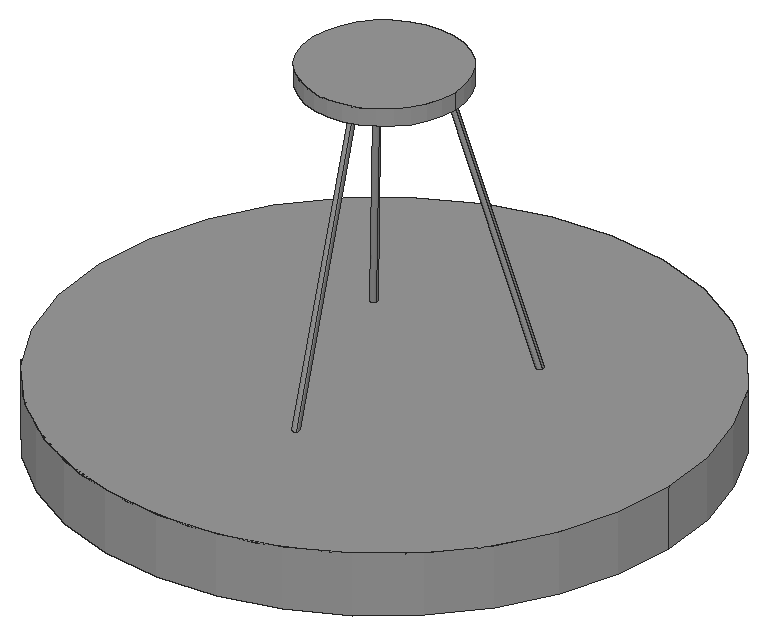
Revit family "METEOR_XL_110W_4000K_9600LM", category Lighting Fixtures, host Ceiling, Revit 2021
Family settings
  Host = Ceiling
  Round Connector Dimension = Use Diameter
  Part Type = Normal
  OmniClass Number = 23.80.70.11
  OmniClass Title = Luminaries for Internal Lighting
  Always vertical = Yes
  Cut with Voids When Loaded = No
  Light Source = Yes
  Shared = No
  Room Calculation Point = No
Parameters (values of type "Type 1")
  Wattage = 64.6282 W
  built-in parameter 1150110 = 1 (stored number, unit not read)
  Type de lampe = "LED Hongli"
  Type = "Plafonnier"
  built-in parameter 1114217 = 1 (stored number, unit not read)
  Tilt Angle = 90.00°
  built-in parameter 1150109 = 1 (stored number, unit not read)
  built-in parameter 1150134 = 12
  built-in parameter 1150113 = 1 (stored number, unit not read)
  Puissance nominale = "110W (2x55W)"
  Photometric Web File = "google_eulumdat_converter (23).ies"
  Matériau = "Corps en métal"
  Lumens = 9600 lm
  built-in parameter 1150115 = 1 (stored number, unit not read)
  built-in parameter 1150105 = 763.94 (stored number, unit not read)
  built-in parameter 1150137 = (empty or 0)
  built-in parameter 1150139 = (empty or 0)
  built-in parameter 1150112 = 1 (stored number, unit not read)
  built-in parameter 1150114 = 1 (stored number, unit not read)
  built-in parameter 1150132 = 2
  built-in parameter 1150102 = (empty or 0)
  built-in parameter 1150138 = (empty or 0)
  built-in parameter 1150107 = 4000 (stored number, unit not read)
  built-in parameter 1150106 = 7.6394 (stored number, unit not read)
  IRC = ">80"
  Fintion = "Blanc"
  built-in parameter 1150104 = 13.8 (stored number, unit not read)
  Driver = "Lifud No Flicker (2 pcs)"
  Dimming Lamp Color Temperature Shift = <None>
  Dimensions = "Ø1000 mm, H : 98 mm"
  Diffuseur = "Acrylique"
  Default Elevation = 0 mm
  Color Filter = 16777215
  built-in parameter 1114218 = 1 (stored number, unit not read)
  built-in parameter 1150133 = 10 (stored number, unit not read)
  Angle d'éclairage = "120°"
  Alimentation luminaire = "2x1500mA / 25-42V dc"
  Alimentation Driver = "AC 220-240V"
Reference planes
  plane 1 "Light Source Axis (F/B)": y = 0
  plane 2: z = 0
  plane 3 "Light Source Axis (L/R)": x = 0
  plane 4 "Ceiling": z = 4000
  plane 5 "Light Source Elevation": z = 3411.095
Forms (mm)
  Extrusion 1, solid, material "Metal, Paint Finish, White, Matte"
    sketch origin (0, 0, 4000) x (0, 1, 0) y (-1, 0, 0)
      loop
        circle (0, 0) r 125
    from 0 to -27
  Extrusion 2, solid, material "Metal, Paint Finish, White, Matte"
    sketch origin (0, 0, 4000) x (0, 1, 0) y (-1, 0, 0)
      loop
        circle (0, 0) r 500
    from -587 to -489
  Extrusion 3, void
    sketch origin (0, 0, 4000) x (0, 1, 0) y (-1, 0, 0)
      loop
        circle (0, 0) r 480
    from -678.449 to -509.32
  Extrusion 4, solid, material "Glass, White, High Luminance"
    sketch origin (0, 0, 4000) x (0, 1, 0) y (-1, 0, 0)
      loop
        circle (0, 0) r 480
    from -587 to -582.901
  Blend 5, solid, material "Metal, Paint Finish, White, Matte"
    base sketch origin (-2.103, -0.495, 4000) x (0, 1, 0) y (-1, 0, 0)
      loop
        circle (155.393, 140.306) r 5
    top sketch origin (-2.103, -0.495, 4000) x (0, 1, 0) y (-1, 0, 0)
      loop
        circle (55.742, 54.078) r 5
    from -489 to -27
  Blend 6, solid, material "Metal, Paint Finish, White, Matte"
    base sketch origin (12.712, -5.011, 4000) x (0, -1, 0) y (1, 0, 0)
      loop
        circle (-155.393, 140.306) r 5
    top sketch origin (12.712, -5.011, 4000) x (0, -1, 0) y (1, 0, 0)
      loop
        circle (-55.742, 54.078) r 5
    from -489 to -27
  Blend 7, solid, material "Metal, Paint Finish, White, Matte"
    base sketch origin (-5.947, 13.738, 4000) x (-0.645234, -0.763985, 0) y (0.763985, -0.645234, 0)
      loop
        circle (155.393, 140.306) r 5
    top sketch origin (-5.947, 13.738, 4000) x (-0.645234, -0.763985, 0) y (0.763985, -0.645234, 0)
      loop
        circle (55.742, 54.078) r 5
    from -489 to -27
Cuts and joins
  Extrusion 3 cuts Extrusion 2
Lines and regions (mm)
  reference lines
    curve 1: line (0, 0, 4000) -> (0, 0, 3973)
    curve 2: line (0, 0, 3973) -> (-40, 0, 3973)
    curve 3: line (0, 0, 3413) -> (0, 0, 3511)
Dimensions and locks
  equal spacing: host sketch curve, plane 3 "Light Source Axis (L/R)", host sketch curve
  equal spacing: host sketch curve, plane 1 "Light Source Axis (F/B)", host sketch curve
  host sketch curve to host sketch curve = 4000 mm  (x2)
  plane 4 "Ceiling" to host ceiling = 0 mm
  aligned and locked: plane 5 "Light Source Elevation" to imposter light
